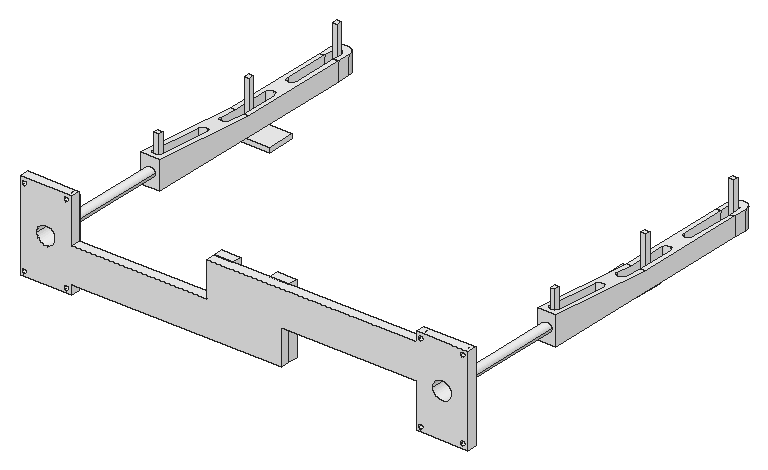
Revit family "Plumbing Fixture-Water_Closet_Carrier_Mifab_MC-51", category Plumbing Fixtures, host Wall, Revit 2013
Parameters
  URL = "www.mifab.com"
  Model = "MC-51"
  Manufacturer = "MIFAB"
  Floor Drain Material = Paint - Sherwin Williams Paint - #952C2A - Bellwood Red
  Description = "Wall Mounted Lavatory Support With Concealed Arms"
Reference planes (in)
  plane 1: y = 0
  plane 2 "Center (Left/Right)": x = -0.47711
  plane 3 "Back": y = 3
  plane 4: x = -11.10211
  plane 5: x = 10.14789
  plane 6: y = 3
  plane 7: y = -3
Forms (in)
  Extrusion 1, solid, material "Paint - Sherwin Williams Paint - #952C2A - Bellwood Red" <- "Floor Drain Material"
    sketch origin (-72, -3, 62.6107) x (-1, 0, 0) y (0, 0, 1)
      loop
        line (-83.14789, -48.42203) -> (-83.14789, -52.17203) -> (-81.14789, -52.17203) -> (-81.14789, -48.42203) -> (-83.14789, -48.42203)
      loop
        line (-61.89789, -48.42203) -> (-61.89789, -52.17203) -> (-59.89789, -52.17203) -> (-59.89789, -48.42203) -> (-61.89789, -48.42203)
    from 0 to -0.5
  Extrusion 2, solid, material "Paint - Sherwin Williams Paint - #952C2A - Bellwood Red" <- "Floor Drain Material"
    sketch origin (-72, -3, 62.6107) x (-1, 0, 0) y (0, 0, 1)
      loop
        line (-83.52289, -47.92203) -> (-83.52289, -52.67203) -> (-80.77289, -52.67203) -> (-80.77289, -50.29703) -> (-73.52289, -50.29703) -> (-73.52289, -52.17203) -> (-62.27289, -52.17203) -> (-62.27289, -52.67203) -> (-59.52289, -52.67203) -> (-59.52289, -47.92203) -> (-62.27289, -47.92203) -> (-62.27289, -50.29703) -> (-69.52289, -50.29703) -> (-69.52289, -48.42203) -> (-80.77289, -48.42203) -> (-80.77289, -47.92203) -> (-83.52289, -47.92203)
    from -0.5 to -1
  Extrusion 3, solid, material "Paint - Sherwin Williams Paint - #952C2A - Bellwood Red" <- "Floor Drain Material"
    sketch origin (-72, -3.5, 62.6107) x (-1, 0, 0) y (0, 0, 1)
      loop
        line (-73.52289, -52.17203) -> (-72.52289, -52.17203) -> (-72.52289, -48.42203) -> (-73.52289, -48.42203) -> (-73.52289, -52.17203)
      loop
        line (-69.52289, -48.42203) -> (-70.52289, -48.42203) -> (-70.52289, -52.17203) -> (-69.52289, -52.17203) -> (-69.52289, -48.42203)
    from 0 to 0.5
  Extrusion 4, void
    sketch origin (-72, -3, 62.6107) x (1, 0, 0) y (0, 0, 1)
      loop
        circle (82.14789, -50.29703) r 0.5
      loop
        circle (81.02289, -48.17203) r 0.125
      loop
        circle (83.27289, -48.17203) r 0.125
      loop
        circle (81.02289, -52.42203) r 0.125
      loop
        circle (83.27289, -52.42203) r 0.125
      loop
        circle (60.89789, -50.29703) r 0.5
      loop
        circle (62.02289, -48.17203) r 0.125
      loop
        circle (59.77289, -48.17203) r 0.125
      loop
        circle (62.02289, -52.42203) r 0.125
      loop
        circle (59.77289, -52.42203) r 0.125
    from 0 to 12
  Extrusion 5, solid, material "Paint - Sherwin Williams Paint - #952C2A - Bellwood Red" <- "Floor Drain Material"
    sketch origin (3.14966, -4.5, -21.0525) x (-1, 0, 0) y (0, 0, 1)
      loop
        circle (14.25176, 33.3507) r 0.25
    from 1.87898 to 7.5
  Extrusion 6, solid, material "Paint - Sherwin Williams Paint - #952C2A - Bellwood Red" <- "Floor Drain Material"
    sketch origin (3.14966, -4.5, -21.31497) x (-1, 0, 0) y (0, 0, 1)
      loop
        line (13.80665, 33.87016) -> (13.80665, 33.35618) -> (14.25176, 33.09919) -> (14.69688, 33.35618) -> (14.69688, 33.87016) -> (14.25176, 34.12715) -> (13.80665, 33.87016)
    from 1.5 to 1.87898
  Extrusion 7, solid, material "Paint - Sherwin Williams Paint - #952C2A - Bellwood Red" <- "Floor Drain Material"
    sketch origin (-4.10387, -4.5, -21.0525) x (1, 0, 0) y (0, 0, -1)
      loop
        circle (14.25176, -33.3507) r 0.25
    from 1.87898 to 7.5
  Extrusion 8, solid, material "Paint - Sherwin Williams Paint - #952C2A - Bellwood Red" <- "Floor Drain Material"
    sketch origin (-4.10387, -4.5, -21.31497) x (1, 0, 0) y (0, 0, -1)
      loop
        line (13.80665, -33.87016) -> (14.25176, -34.12715) -> (14.69688, -33.87016) -> (14.69688, -33.35618) -> (14.25176, -33.09919) -> (13.80665, -33.35618) -> (13.80665, -33.87016)
    from 1.5 to 1.87898
  Extrusion 9, solid, material "Paint - Sherwin Williams Paint - #952C2A - Bellwood Red" <- "Floor Drain Material"
    sketch origin (-10.60211, -2.80094, -21.31497) x (0, -1, 0) y (0, 0, 1)
      loop
        line (-5.80094, 32.8507) -> (-5.80094, 34.37564) -> (-11.80094, 33.8507) -> (-17.80094, 33.8507) -> (-17.80094, 32.8507) -> (-5.80094, 32.8507)
    from 0 to 1
  Extrusion 10, solid, material "Paint - Sherwin Williams Paint - #952C2A - Bellwood Red" <- "Floor Drain Material"
    sketch origin (3.14966, -1.30094, 11.53573) x (-1, 0, 0) y (0, -1, 0)
      loop
        line (13.75176, -16.30094) -> (13.75176, -17)
        arc (13.75176, -17) -> (14.25176, -17.5) -> (14.75176, -17) r 0.5
        line (14.75176, -17) -> (14.75176, -16.30094) -> (13.75176, -16.30094)
    from 0 to 1
  Extrusion 11, void
    sketch origin (3.14966, -1.30094, -21.31497) x (-1, 0, 0) y (0, -1, 0)
      loop
        arc (14.50176, -4.80094) -> (14.25176, -4.55094) -> (14.00176, -4.80094) r 0.25
        line (14.00176, -4.80094) -> (14.00176, -7.80094)
        arc (14.00176, -7.80094) -> (14.25176, -8.05094) -> (14.50176, -7.80094) r 0.25
        line (14.50176, -7.80094) -> (14.50176, -4.80094)
      loop
        arc (14.50176, -9.30094) -> (14.25176, -9.05094) -> (14.00176, -9.30094) r 0.25
        line (14.00176, -9.30094) -> (14.00176, -12.30094)
        arc (14.00176, -12.30094) -> (14.25176, -12.55094) -> (14.50176, -12.30094) r 0.25
        line (14.50176, -12.30094) -> (14.50176, -9.30094)
      loop
        arc (14.50176, -13.80094) -> (14.25176, -13.55094) -> (14.00176, -13.80094) r 0.25
        line (14.00176, -13.80094) -> (14.00176, -16.80094)
        arc (14.00176, -16.80094) -> (14.25176, -17.05094) -> (14.50176, -16.80094) r 0.25
        line (14.50176, -16.80094) -> (14.50176, -13.80094)
    from 33.29844 to 34.37564
  Extrusion 12, solid, material "Paint - Sherwin Williams Paint - #952C2A - Bellwood Red" <- "Floor Drain Material"
    sketch origin (3.14966, -1.30094, -21.31497) x (-1, 0, 0) y (0, -1, 0)
      loop
        line (14.37676, -16.67594) -> (14.12676, -16.67594) -> (14.12676, -16.92594) -> (14.37676, -16.92594) -> (14.37676, -16.67594)
      loop
        line (14.37676, -4.95816) -> (14.37676, -4.70816) -> (14.12676, -4.70816) -> (14.12676, -4.95816) -> (14.37676, -4.95816)
    from 33.29844 to 35.29844
  Extrusion 13, solid, material "Paint - Sherwin Williams Paint - #952C2A - Bellwood Red" <- "Floor Drain Material"
    sketch origin (3.14966, -1.30094, -20.67218) x (-1, 0, 0) y (0, -1, 0)
      loop
        line (12.50176, -10.07993) -> (12.50176, -11.57993) -> (14.50176, -11.57993) -> (14.50176, -10.07993) -> (12.50176, -10.07993)
    from 31.95792 to 32.20792
  Extrusion 14, solid, material "Paint - Sherwin Williams Paint - #952C2A - Bellwood Red" <- "Floor Drain Material"
    sketch origin (3.14966, -7.19905, -21.31497) x (-1, 0, 0) y (0, -1, 0)
      loop
        line (14.37676, -16.67594) -> (14.12676, -16.67594) -> (14.12676, -16.92594) -> (14.37676, -16.92594) -> (14.37676, -16.67594)
    from 33.29844 to 35.29844
  Extrusion 15, solid, material "Paint - Sherwin Williams Paint - #952C2A - Bellwood Red" <- "Floor Drain Material"
    sketch origin (9.64789, -2.80094, -21.31497) x (0, -1, 0) y (0, 0, -1)
      loop
        line (-5.80094, -32.8507) -> (-17.80094, -32.8507) -> (-17.80094, -33.8507) -> (-11.80094, -33.8507) -> (-5.80094, -34.37564) -> (-5.80094, -32.8507)
    from 0 to 1
  Extrusion 16, solid, material "Paint - Sherwin Williams Paint - #952C2A - Bellwood Red" <- "Floor Drain Material"
    sketch origin (-4.10387, -1.30094, 11.53573) x (1, 0, 0) y (0, 1, 0)
      loop
        line (13.75176, 16.30094) -> (14.75176, 16.30094) -> (14.75176, 17)
        arc (14.75176, 17) -> (14.25176, 17.5) -> (13.75176, 17) r 0.5
        line (13.75176, 17) -> (13.75176, 16.30094)
    from 0 to 1
  Extrusion 17, void
    sketch origin (-4.10387, -1.30094, -21.31497) x (1, 0, 0) y (0, 1, 0)
      loop
        line (14.50176, 4.80094) -> (14.50176, 7.80094)
        arc (14.50176, 7.80094) -> (14.25176, 8.05094) -> (14.00176, 7.80094) r 0.25
        line (14.00176, 7.80094) -> (14.00176, 4.80094)
        arc (14.00176, 4.80094) -> (14.25176, 4.55094) -> (14.50176, 4.80094) r 0.25
      loop
        line (14.50176, 9.30094) -> (14.50176, 12.30094)
        arc (14.50176, 12.30094) -> (14.25176, 12.55094) -> (14.00176, 12.30094) r 0.25
        line (14.00176, 12.30094) -> (14.00176, 9.30094)
        arc (14.00176, 9.30094) -> (14.25176, 9.05094) -> (14.50176, 9.30094) r 0.25
      loop
        line (14.50176, 13.80094) -> (14.50176, 16.80094)
        arc (14.50176, 16.80094) -> (14.25176, 17.05094) -> (14.00176, 16.80094) r 0.25
        line (14.00176, 16.80094) -> (14.00176, 13.80094)
        arc (14.00176, 13.80094) -> (14.25176, 13.55094) -> (14.50176, 13.80094) r 0.25
    from 33.29844 to 34.37564
  Extrusion 18, solid, material "Paint - Sherwin Williams Paint - #952C2A - Bellwood Red" <- "Floor Drain Material"
    sketch origin (-4.10387, -1.30094, -21.31497) x (1, 0, 0) y (0, 1, 0)
      loop
        line (14.37676, 16.67594) -> (14.37676, 16.92594) -> (14.12676, 16.92594) -> (14.12676, 16.67594) -> (14.37676, 16.67594)
      loop
        line (14.37676, 4.95816) -> (14.12676, 4.95816) -> (14.12676, 4.70816) -> (14.37676, 4.70816) -> (14.37676, 4.95816)
    from 33.29844 to 35.29844
  Extrusion 19, solid, material "Paint - Sherwin Williams Paint - #952C2A - Bellwood Red" <- "Floor Drain Material"
    sketch origin (-4.10387, -1.30094, -20.67218) x (1, 0, 0) y (0, 1, 0)
      loop
        line (12.50176, 10.07993) -> (14.50176, 10.07993) -> (14.50176, 11.57993) -> (12.50176, 11.57993) -> (12.50176, 10.07993)
    from 31.95792 to 32.20792
  Extrusion 20, solid, material "Paint - Sherwin Williams Paint - #952C2A - Bellwood Red" <- "Floor Drain Material"
    sketch origin (-4.10387, -7.19905, -21.31497) x (1, 0, 0) y (0, 1, 0)
      loop
        line (14.37676, 16.67594) -> (14.37676, 16.92594) -> (14.12676, 16.92594) -> (14.12676, 16.67594) -> (14.37676, 16.67594)
    from 33.29844 to 35.29844
Cuts and joins
  Extrusion 4 cuts Extrusion 1
  Extrusion 4 cuts Extrusion 2
  joined: Extrusion 1, Extrusion 2, Extrusion 5, Extrusion 6, Extrusion 7, Extrusion 8
  Extrusion 11 cuts Extrusion 9
  Extrusion 11 cuts Extrusion 10
  Extrusion 17 cuts Extrusion 15
  Extrusion 17 cuts Extrusion 16
Text (in)
  text "Placement Side" at (0, 40.15149, 123.01588), in view "Right"
  text "Placement Side" at (-70.3804, 45.82615, 0), in view "Ref. Level"
  text "Placement Side" at (0, 47.49176, 113.10569), in view "Left"
Dimensions and locks (in)
  locked: plane 3 "Back" to host wall
  equal spacing: plane 4, plane 2 "Center (Left/Right)", plane 5
  plane 4 to plane 5 = 21 1/4"
  plane 3 "Back" to plane 6 = 0"
  locked: Extrusion 1 sketch curve to Extrusion 1 sketch curve at 2  (x2)
  equal spacing: Extrusion 1 sketch curve, plane 5, Extrusion 1 sketch curve
  locked: Extrusion 1 sketch curve to Extrusion 1 sketch curve at 3.75  (x2)
  locked: Extrusion 1 sketch curve to level at 0.42203
  equal spacing: Extrusion 1 sketch curve, plane 4, Extrusion 1 sketch curve
  locked: Extrusion 2 sketch curve to Extrusion 2 sketch curve at 4.75
  locked: Extrusion 2 sketch curve to Extrusion 2 sketch curve at 2.75  (x2)
  equal spacing: Extrusion 2 sketch curve, plane 5, Extrusion 2 sketch curve
  locked: Extrusion 1 to Extrusion 2 sketch curve at 0.5
  equal spacing: Extrusion 2 sketch curve, plane 4, Extrusion 2 sketch curve
  locked: plane 2 "Center (Left/Right)" to Extrusion 2 sketch curve at 2  (x2)
  locked: Extrusion 2 sketch curve to Extrusion 2 sketch curve at 0.5
  locked: Extrusion 2 sketch curve to Extrusion 2 sketch curve at 1.875
  locked: Extrusion 2 to Extrusion 3 sketch curve at 1
  locked: Extrusion 3 sketch curve to Extrusion 2 at 1
  locked: Extrusion 4 sketch curve to cut or joined group of Extrusion 1, Extrusion 2, Extrusion 4, Extrusion 5, Extrusion 6, Extrusion 7, Extrusion 8 at 1.875  (x2)
  locked: cut or joined group of Extrusion 1, Extrusion 2, Extrusion 4, Extrusion 5, Extrusion 6, Extrusion 7, Extrusion 8 to Extrusion 4 sketch curve at 0.25  (x12)
  locked: Extrusion 4 sketch curve to cut or joined group of Extrusion 1, Extrusion 2, Extrusion 4, Extrusion 5, Extrusion 6, Extrusion 7, Extrusion 8 at 0.25  (x4)
  diameter of Extrusion 4 sketch curve = 1"  (x2)
  diameter of Extrusion 4 sketch curve = 1/4"  (x4)
  aligned and locked: plane 7 to host wall
  aligned and locked: Extrusion 1 to host wall
  aligned and locked: Extrusion 2 sketch curve to Extrusion 2 sketch curve  (x5)
  aligned and locked: Extrusion 2 to Extrusion 1
  aligned and locked: Extrusion 3 sketch curve to Extrusion 2  (x3)
  aligned and locked: Extrusion 2 to Extrusion 3 sketch curve
  aligned and locked: Extrusion 3 to host wall
  aligned and locked: plane 4 to Extrusion 4 sketch curve
  aligned and locked: host wall to Extrusion 5
  aligned and locked: host wall to Extrusion 7
  aligned and locked: plane 3 "Back" to cut or joined group of Extrusion 9, Extrusion 11
  aligned and locked: plane 3 "Back" to cut or joined group of Extrusion 15, Extrusion 17
Automatic sketch dimensions
  Extrusion 1 sketch curve to level = 4.17203"
  Extrusion 2 sketch curve to level = 2.29703"
  Extrusion 3 sketch curve to Extrusion 2 = 0"  (x2)
  Extrusion 1 to Extrusion 4 sketch curve = 1"
  plane 4 to Extrusion 5 sketch curve = 0"
  Extrusion 5 sketch curve to level = 2 5/16"
  plane 4 to Extrusion 6 sketch curve = 0"  (x2)
  Extrusion 6 sketch curve to level = 2.82648"
  Extrusion 6 sketch curve to plane 4 = 0.44512"
  plane 4 to Extrusion 6 sketch curve = 0.44512"
  Extrusion 6 sketch curve to Extrusion 6 sketch curve = 0.25699"  (x3)
  Extrusion 6 sketch curve to Extrusion 6 sketch curve = 0.51398"  (x2)
  plane 5 to Extrusion 7 sketch curve = 0"
  Extrusion 7 sketch curve to level = 2 5/16"
  plane 5 to Extrusion 8 sketch curve = 0"  (x2)
  Extrusion 8 sketch curve to level = 1.79852"
  plane 5 to Extrusion 8 sketch curve = 0.44512"
  Extrusion 8 sketch curve to plane 5 = 0.44512"
  Extrusion 8 sketch curve to Extrusion 8 sketch curve = 0.25699"  (x3)
  Extrusion 8 sketch curve to Extrusion 8 sketch curve = 0.51398"  (x2)
  Extrusion 9 sketch curve to host wall = 0"
  Extrusion 9 sketch curve to level = 3.07497"
  Extrusion 9 sketch curve to level = 2.07497"
  host wall to Extrusion 9 sketch curve = 6"
  Extrusion 9 sketch curve to Extrusion 9 sketch curve = 6"
  Extrusion 9 sketch curve to Extrusion 9 sketch curve = 1.52493"
  Extrusion 10 sketch curve to plane 4 = 1/2"
  host wall to Extrusion 10 sketch curve = 12.69906"
  Extrusion 10 sketch curve to plane 4 = 0"
  Extrusion 10 sketch curve to Extrusion 10 sketch curve = 0.69906"
  Extrusion 11 sketch curve to plane 4 = 1/4"
  host wall to Extrusion 11 sketch curve = 12 1/2"
  Extrusion 11 sketch curve to plane 4 = 0"  (x3)
  Extrusion 11 sketch curve to Extrusion 11 sketch curve = 1/4"  (x2)
  Extrusion 11 sketch curve to Extrusion 11 sketch curve = 3"  (x2)
  Extrusion 11 sketch curve to Extrusion 11 sketch curve = 1 1/2"  (x2)
  host wall to Extrusion 11 sketch curve = 1/2"
  Extrusion 12 sketch curve to plane 4 = 1/8"  (x2)
  plane 4 to Extrusion 12 sketch curve = 1/8"  (x2)
  host wall to Extrusion 12 sketch curve = 12 5/8"
  Extrusion 12 sketch curve to Extrusion 12 sketch curve = 1/4"  (x2)
  host wall to Extrusion 12 sketch curve = 0.65722"
  Extrusion 13 sketch curve to plane 4 = 1 3/4"
  host wall to Extrusion 13 sketch curve = 7.27898"
  plane 4 to Extrusion 13 sketch curve = 1/4"
  Extrusion 13 sketch curve to Extrusion 13 sketch curve = 1 1/2"
  Extrusion 14 sketch curve to plane 4 = 1/8"
  plane 4 to Extrusion 14 sketch curve = 1/8"
  host wall to Extrusion 14 sketch curve = 6.72689"
  Extrusion 14 sketch curve to Extrusion 14 sketch curve = 1/4"
  Extrusion 15 sketch curve to host wall = 0"
  Extrusion 15 sketch curve to level = 1.55003"
  Extrusion 15 sketch curve to level = 2.07497"
  host wall to Extrusion 15 sketch curve = 6"
  Extrusion 15 sketch curve to Extrusion 15 sketch curve = 6"
  Extrusion 15 sketch curve to Extrusion 15 sketch curve = 1"
  plane 5 to Extrusion 16 sketch curve = 1/2"
  host wall to Extrusion 16 sketch curve = 12"
  Extrusion 16 sketch curve to plane 5 = 0"
  Extrusion 16 sketch curve to Extrusion 16 sketch curve = 0.69906"
  plane 5 to Extrusion 17 sketch curve = 1/4"  (x2)
  host wall to Extrusion 17 sketch curve = 1/2"
  Extrusion 17 sketch curve to plane 5 = 0"  (x3)
  Extrusion 17 sketch curve to Extrusion 17 sketch curve = 1/4"
  Extrusion 17 sketch curve to Extrusion 17 sketch curve = 3"  (x3)
  Extrusion 17 sketch curve to Extrusion 17 sketch curve = 1 1/2"  (x2)
  plane 5 to Extrusion 18 sketch curve = 1/8"  (x2)
  Extrusion 18 sketch curve to plane 5 = 1/8"  (x2)
  host wall to Extrusion 18 sketch curve = 0.40722"
  Extrusion 18 sketch curve to Extrusion 18 sketch curve = 1/4"  (x2)
  Extrusion 18 sketch curve to Extrusion 18 sketch curve = 11.71778"
  plane 5 to Extrusion 19 sketch curve = 1 3/4"
  Extrusion 19 sketch curve to plane 5 = 1/4"
  host wall to Extrusion 19 sketch curve = 5.77898"
  Extrusion 19 sketch curve to Extrusion 19 sketch curve = 1 1/2"
  plane 5 to Extrusion 20 sketch curve = 1/8"
  host wall to Extrusion 20 sketch curve = 6.47689"
  Extrusion 20 sketch curve to plane 5 = 1/8"
  Extrusion 20 sketch curve to Extrusion 20 sketch curve = 1/4"
  radius of Extrusion 4 sketch curve = 1/8"  (x4)
  radius of Extrusion 5 sketch curve = 1/4"
  radius of Extrusion 7 sketch curve = 1/4"
